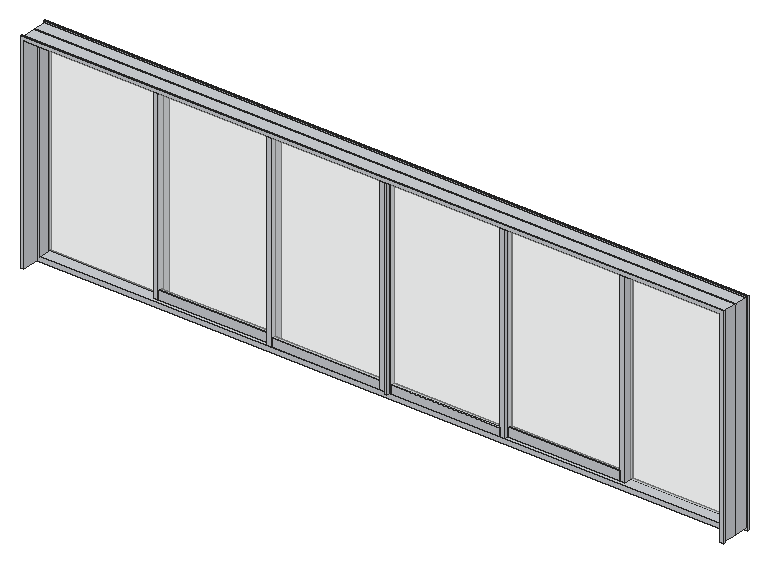
Revit family "APL Residential Thermal Heart Sliding Door FSSSSF", category Doors, host Wall, Revit 2017 (continued)
Definition of nested family "APL Residential Thermal Heart Sliding Door FSSSSF Vertical Section"
  Definition of nested family "Glazing Bead"
    Lines and regions (mm)
      detail lines, in view "Ref. Level", not visible
        curve 40: line (-1, -6.85, 0) -> (-1, -4.9, 0)
        curve 41: line (-1, -4.9, 0) -> (-0.25, -4.9, 0)
        curve 42: line (-0.25, -5.4, 0) -> (-0.25, -8.45, 0)
        curve 43: line (-0.25, -8.95, 0) -> (-0.25, -9.619, 0)
        curve 44: line (-0.25, -10.119, 0) -> (-0.25, -10.787, 0)
        curve 45: line (-0.25, -11.287, 0) -> (-0.25, -11.956, 0)
        curve 46: arc (-0.25, -11.956, 0) -> (0, -12.206, 0) -> (-0.25, -12.456, 0) r 0.25
        curve 47: arc (62.983, -3.041, 0) -> (62.673, -2.901, 0) -> (62.511, -3.2, 0) r 0.25
        curve 48: arc (62.537, -13.088, 0) -> (62.7, -13.387, 0) -> (63.01, -13.247, 0) r 0.25
        curve 49: line (62.511, -3.2, 0) -> (63.505, -7.068, 0)
        curve 50: line (63.505, -7.068, 0) -> (62.502, -7.647, 0)
        curve 51: line (62.502, -7.647, 0) -> (62.502, -8.647, 0)
        curve 52: line (62.502, -8.647, 0) -> (63.527, -9.239, 0)
        curve 53: line (63.527, -9.239, 0) -> (62.537, -13.088, 0)
        curve 54: line (63.01, -13.247, 0) -> (64.734, -9.147, 0)
        curve 55: line (64.734, -9.147, 0) -> (66.002, -9.147, 0)
        curve 56: line (66.002, -9.147, 0) -> (66.002, -10.397, 0)
        curve 57: line (66.002, -10.397, 0) -> (67.002, -10.397, 0)
        curve 58: line (67.002, -10.397, 0) -> (67.002, -5.897, 0)
        curve 59: line (67.002, -5.897, 0) -> (66.002, -5.897, 0)
        curve 60: line (66.002, -5.897, 0) -> (66.002, -7.147, 0)
        curve 61: line (66.002, -7.147, 0) -> (64.71, -7.147, 0)
        curve 62: line (64.71, -7.147, 0) -> (62.983, -3.041, 0)
    Dimensions and locks
      "Glass Lenght": plane 1 "Center (Front/Back)" to plane 4
      aligned and locked: plane 4 to curve 2
      aligned and locked: plane 1 "Center (Front/Back)" to Filled region 1 sketch curve
      aligned and locked: Filled region 1 sketch curve to curve 6
      aligned and locked: Filled region 1 sketch curve to curve 1
      aligned and locked: Filled region 1 sketch curve to curve 5
    Automatic sketch dimensions
      plane 1 "Center (Front/Back)" to curve 2 = 0 mm
      curve 2 to plane 3 "Center (Left/Right)" = 0 mm
      curve 6 to plane 4 = 0 mm
      curve 5 to plane 4 = 0 mm
      curve 4 to plane 4 = 0 mm
      curve 5 to curve 3 = 4 mm
      plane 3 "Center (Left/Right)" to curve 1 = 4 mm
      curve 6 to curve 5 = 16 mm
      plane 1 "Center (Front/Back)" to curve 1 = 12 mm
    Nested families
      nested 1: "65015_Bead" at (-15.5, 6.328, 0), type "65015_Bead", in view "Ref. Level"
    Definition of nested family "65015_Bead"
      Reference planes
        plane 1 "Center (Front/Back)": y = 0
        plane 2: z = 0
        plane 3 "Center (Left/Right)": x = 0
      Lines and regions (mm)
        model lines, in view "Ref. Level"
          curve 1: arc (13.5, 12.78, 0) -> (13.558, 12.92, 0) -> (13.698, 12.978, 0) r 0.198
          curve 2: arc (14.302, 12.978, 0) -> (14.442, 12.918, 0) -> (14.5, 12.777, 0) r 0.201
          curve 3: arc (14.5, 10.175, 0) -> (14.442, 10.036, 0) -> (14.302, 9.978, 0) r 0.198
          curve 4: arc (13.698, 9.978, 0) -> (13.558, 10.036, 0) -> (13.5, 10.175, 0) r 0.198
          curve 5: arc (13.5, 11.027, 0) -> (13.442, 11.169, 0) -> (13.3, 11.228, 0) r 0.2
          curve 6: arc (12.7, 11.228, 0) -> (11.851, 11.579, 0) -> (11.5, 12.428, 0) r 1.2
          curve 7: arc (11.5, 13.628, 0) -> (11.377, 13.813, 0) -> (11.159, 13.769, 0) r 0.2
          curve 8: arc (1.546, 4.157, 0) -> (1.438, 3.995, 0) -> (1.4, 3.804, 0) r 0.5
          curve 9: arc (1.4, 1.817, 0) -> (1.467, 1.567, 0) -> (1.65, 1.384, 0) r 0.5
          curve 10: arc (10.675, -3.827, 0) -> (10.913, -4.714, 0) -> (10.025, -4.952, 0) r 0.65
          curve 11: arc (3.306, -1.073, 0) -> (2.928, -1.023, 0) -> (2.624, -1.254, 0) r 0.5
          curve 12: arc (2.587, -2.129, 0) -> (2.248, -2.45, 0) -> (1.791, -2.352, 0) r 0.5
          curve 13: arc (1.518, -2.123, 0) -> (1.466, -2.054, 0) -> (1.447, -1.97, 0) r 0.2
          curve 14: arc (1.447, -1.115, 0) -> (1.476, -1.011, 0) -> (1.555, -0.938, 0) r 0.2
          curve 15: arc (1.555, -0.938, 0) -> (1.717, -0.809, 0) -> (1.82, -0.63, 0) r 0.55
          curve 16: arc (1.82, -0.63, 0) -> (1.825, -0.452, 0) -> (1.729, -0.302, 0) r 0.3
          curve 17: arc (0.2, 0, 0) -> (0.059, 0.059, 0) -> (0, 0.2, 0) r 0.2
          curve 18: arc (0, 4.383, 0) -> (0.038, 4.575, 0) -> (0.146, 4.737, 0) r 0.5
          curve 19: arc (14.159, 18.749, 0) -> (14.377, 18.792, 0) -> (14.5, 18.608, 0) r 0.2
          curve 20: arc (14.5, 15.172, 0) -> (14.442, 15.034, 0) -> (14.303, 14.978, 0) r 0.194
          curve 21: arc (13.698, 14.978, 0) -> (13.559, 15.038, 0) -> (13.5, 15.177, 0) r 0.203
          curve 22: arc (13.5, 15.528, 0) -> (13.441, 15.669, 0) -> (13.3, 15.728, 0) r 0.201
          curve 23: arc (12.7, 15.728, 0) -> (12.559, 15.669, 0) -> (12.5, 15.528, 0) r 0.2
          curve 24: arc (12.5, 12.428, 0) -> (12.559, 12.286, 0) -> (12.7, 12.228, 0) r 0.2
          curve 25: line (13.5, 12.428, 0) -> (13.5, 12.78, 0)
          curve 26: line (13.698, 12.978, 0) -> (14.302, 12.978, 0)
          curve 27: line (14.5, 12.777, 0) -> (14.5, 10.175, 0)
          curve 28: line (14.302, 9.978, 0) -> (13.698, 9.978, 0)
          curve 29: line (13.5, 10.175, 0) -> (13.5, 11.027, 0)
          curve 30: line (13.3, 11.228, 0) -> (12.7, 11.228, 0)
          curve 31: line (11.5, 12.428, 0) -> (11.5, 13.628, 0)
          curve 32: line (11.159, 13.769, 0) -> (1.546, 4.157, 0)
          curve 33: line (1.4, 3.804, 0) -> (1.4, 1.817, 0)
          curve 34: line (1.65, 1.384, 0) -> (10.675, -3.827, 0)
          curve 35: line (10.025, -4.952, 0) -> (3.306, -1.073, 0)
          curve 36: line (2.597, -1.355, 0) -> (2.597, -2.065, 0)
          curve 37: line (1.791, -2.352, 0) -> (1.518, -2.123, 0)
          curve 38: line (1.518, -2.123, 0) -> (1.447, -1.115, 0)
          curve 39: line (1.729, -0.302, 0) -> (1.425, -0.047, 0)
          curve 40: line (1.425, -0.047, 0) -> (0.2, 0, 0)
          curve 41: line (0, 0.2, 0) -> (0, 4.383, 0)
          curve 42: line (0.146, 4.737, 0) -> (14.159, 18.749, 0)
          curve 43: line (14.5, 18.608, 0) -> (14.5, 15.172, 0)
          curve 44: line (14.303, 14.978, 0) -> (13.698, 14.978, 0)
          curve 45: line (13.5, 15.177, 0) -> (13.5, 15.528, 0)
          curve 46: line (13.3, 15.728, 0) -> (12.7, 15.728, 0)
          curve 47: line (12.5, 15.528, 0) -> (12.5, 12.428, 0)
          curve 48: line (12.7, 12.228, 0) -> (13.3, 12.228, 0)
          curve 49: arc (13.3, 12.228, 0) -> (13.441, 12.286, 0) -> (13.5, 12.428, 0) r 0.2
      Text (mm)
        text "65015" at (32.01, 10.207, 0), in view "Ref. Level"
  Definition of nested family "Three Panel Sill"
    Parameters (values of type "Three Panel Sill")
      Threshold = yes
    Reference planes
      plane 1 "Center (Front/Back)": y = 0
      plane 2: z = 0
      plane 3 "Center (Left/Right)": x = 0
    Lines and regions (mm)
      detail lines, in view "Ref. Level"
        curve 1: arc (16.603, 58.8, 0) -> (17.381, 59.122, 0) -> (17.703, 59.9, 0) r 1.1
        curve 2: arc (0.803, 59.899, 0) -> (1.126, 59.122, 0) -> (1.903, 58.8, 0) r 1.1
        curve 3: arc (17.703, 76.7, 0) -> (17.381, 77.478, 0) -> (16.603, 77.8, 0) r 1.1
        curve 4: arc (1.903, 77.8, 0) -> (1.125, 77.477, 0) -> (0.803, 76.699, 0) r 1.1
        curve 5: arc (16.603, 58.799, 0) -> (17.382, 59.121, 0) -> (17.703, 59.9, 0) r 1.1
        curve 6: arc (17.703, 76.702, 0) -> (17.381, 77.479, 0) -> (16.603, 77.802, 0) r 1.1
        curve 7: arc (7.678, 82.796, 0) -> (6.666, 82.818, 0) -> (6.153, 81.945, 0) r 1
        curve 8: arc (6.153, 44.255, 0) -> (6.666, 43.382, 0) -> (7.678, 43.404, 0) r 1
        curve 9: arc (12.353, 81.945, 0) -> (11.841, 82.818, 0) -> (10.828, 82.796, 0) r 1
        curve 10: arc (10.828, 43.404, 0) -> (11.841, 43.382, 0) -> (12.353, 44.255, 0) r 1
        curve 11: arc (7.678, 82.796, 0) -> (9.253, 82.35, 0) -> (10.828, 82.796, 0) r 3
        curve 12: arc (10.828, 43.404, 0) -> (9.253, 43.851, 0) -> (7.678, 43.404, 0) r 3
        curve 13: arc (5.253, 51, 0) -> (5.546, 50.293, 0) -> (6.253, 50, 0) r 1
        curve 14: arc (12.253, 50, 0) -> (12.96, 50.293, 0) -> (13.253, 51, 0) r 1
        curve 15: arc (14.453, 84.69, 0) -> (13.952, 84.595, 0) -> (13.453, 84.49, 0) r 26
        curve 16: arc (5.053, 84.49, 0) -> (4.554, 84.595, 0) -> (4.053, 84.69, 0) r 26
        curve 17: arc (5.053, 85.031, 0) -> (4.554, 85.062, 0) -> (4.053, 85.085, 0) r 26
        curve 18: arc (14.453, 85.085, 0) -> (13.953, 85.062, 0) -> (13.453, 85.031, 0) r 26
        curve 19: line (7.616, 58.464, 0) -> (8.694, 57.549, 0)
        curve 20: arc (8.309, 62.255, 0) -> (6.888, 61.307, 0) -> (6.184, 59.751, 0) r 3.102
        curve 21: line (7.502, 59.859, 0) -> (8.417, 60.937, 0)
        curve 22: line (10.89, 60.137, 0) -> (9.812, 61.052, 0)
        curve 23: arc (10.198, 56.345, 0) -> (11.619, 57.293, 0) -> (12.323, 58.849, 0) r 3.102
        curve 24: line (11.005, 58.741, 0) -> (10.09, 57.663, 0)
        curve 25: circle (9.253, 59.3, 0) r 4.4 normal (0, 0, 1)
        curve 26: arc (9.596, 63.684, 0) -> (8.894, 63.683, 0) -> (8.201, 63.57, 0) r 4.397
        curve 27: arc (8.91, 54.916, 0) -> (9.612, 54.918, 0) -> (10.305, 55.031, 0) r 4.397
        curve 28: line (8.309, 62.255, 0) -> (8.201, 63.57, 0)
        curve 29: line (9.596, 63.684, 0) -> (9.704, 62.37, 0)
        curve 30: line (10.198, 56.345, 0) -> (10.305, 55.031, 0)
        curve 31: line (8.91, 54.916, 0) -> (8.802, 56.231, 0)
        curve 32: arc (2.903, 86.3, 0) -> (2.196, 86.007, 0) -> (1.903, 85.3, 0) r 1
        curve 33: arc (16.603, 85.3, 0) -> (16.31, 86.007, 0) -> (15.603, 86.3, 0) r 1
        curve 34: arc (15.603, 85, 0) -> (15.515, 85.212, 0) -> (15.303, 85.3, 0) r 0.3
        curve 35: arc (3.203, 85.3, 0) -> (2.991, 85.212, 0) -> (2.903, 85, 0) r 0.3
        curve 36: line (17.703, 59.9, 0) -> (17.703, 61.8, 0)
        curve 37: line (0.803, 61.8, 0) -> (0.803, 59.899, 0)
        curve 38: line (17.703, 74.8, 0) -> (17.703, 76.7, 0)
        curve 39: line (0.803, 76.699, 0) -> (0.803, 74.8, 0)
        curve 40: line (17.703, 59.9, 0) -> (17.703, 61.8, 0)
        curve 41: line (0.803, 76.699, 0) -> (0.803, 74.8, 0)
        curve 42: line (6.153, 44.255, 0) -> (6.153, 51.1, 0)
        curve 43: line (6.153, 81.6, 0) -> (6.153, 81.945, 0)
        curve 44: line (12.353, 81.6, 0) -> (12.353, 81.945, 0)
        curve 45: line (12.353, 44.255, 0) -> (12.353, 51.1, 0)
        curve 46: line (0.803, 66.09, 0) -> (0.503, 66.09, 0)
        curve 47: line (0.503, 66.09, 0) -> (0.503, 60.11, 0)
        curve 48: line (0.503, 60.11, 0) -> (0.803, 60.11, 0)
        curve 49: line (3.003, 51.3, 0) -> (3.003, 51.1, 0)
        curve 50: line (3.003, 51.1, 0) -> (3.503, 51.1, 0)
        curve 51: line (3.503, 51.1, 0) -> (15.003, 51.1, 0)
        curve 52: line (15.003, 51.1, 0) -> (15.503, 51.1, 0)
        curve 53: line (15.503, 51.1, 0) -> (15.503, 51.3, 0)
        curve 54: line (15.503, 75.8, 0) -> (15.503, 81.6, 0)
        curve 55: line (15.503, 81.6, 0) -> (15.003, 81.6, 0)
        curve 56: line (15.003, 81.6, 0) -> (15.003, 75.8, 0)
        curve 57: line (3.003, 75.8, 0) -> (3.003, 81.6, 0)
        curve 58: line (15.003, 81.6, 0) -> (3.503, 81.6, 0)
        curve 59: line (3.503, 81.6, 0) -> (3.003, 81.6, 0)
        curve 60: line (3.003, 81.6, 0) -> (3.003, 85.1, 0)
        curve 61: line (3.003, 85.1, 0) -> (4.003, 85.1, 0)
        curve 62: line (4.003, 85.1, 0) -> (4.003, 81.6, 0)
        curve 63: line (14.503, 81.6, 0) -> (14.503, 85.1, 0)
        curve 64: line (14.503, 85.1, 0) -> (15.503, 85.1, 0)
        curve 65: line (15.503, 85.1, 0) -> (15.503, 81.6, 0)
        curve 66: line (14.453, 84.69, 0) -> (14.453, 81.6, 0)
        curve 67: line (4.053, 84.69, 0) -> (4.053, 81.6, 0)
        curve 68: line (5.053, 81.6, 0) -> (5.053, 84.49, 0)
        curve 69: line (5.053, 84.49, 0) -> (5.053, 85.031, 0)
        curve 70: line (13.453, 81.6, 0) -> (13.453, 84.49, 0)
        curve 71: line (13.453, 84.49, 0) -> (13.453, 85.031, 0)
        curve 72: line (4.053, 84.69, 0) -> (4.053, 84.938, 0)
        curve 73: line (14.453, 84.69, 0) -> (14.453, 84.938, 0)
        curve 74: line (8.802, 56.231, 0) -> (8.694, 57.549, 0)
        curve 75: line (8.417, 60.937, 0) -> (8.309, 62.255, 0)
        curve 76: line (9.704, 62.37, 0) -> (9.812, 61.052, 0)
        curve 77: line (10.09, 57.663, 0) -> (10.198, 56.345, 0)
        curve 78: line (1.903, 80.3, 0) -> (1.903, 85.3, 0)
        curve 79: line (2.903, 86.3, 0) -> (15.603, 86.3, 0)
        curve 80: line (16.603, 85.3, 0) -> (16.603, 80.3, 0)
        curve 81: line (16.603, 80.3, 0) -> (15.603, 80.3, 0)
        curve 82: line (15.603, 80.3, 0) -> (15.603, 85, 0)
        curve 83: line (15.303, 85.3, 0) -> (3.203, 85.3, 0)
        curve 84: line (2.903, 85, 0) -> (2.903, 80.3, 0)
        curve 85: line (2.903, 80.3, 0) -> (1.903, 80.3, 0)
        curve 86: line (1.903, 80.3, 0) -> (1.903, 78.3, 0)
        curve 87: line (1.903, 78.3, 0) -> (1.903, 75.8, 0)
        curve 88: line (15.603, 80.3, 0) -> (15.603, 78.3, 0)
        curve 89: line (15.603, 78.3, 0) -> (16.603, 78.3, 0)
        curve 90: line (16.603, 78.3, 0) -> (16.603, 80.3, 0)
        curve 91: line (2.903, 80.3, 0) -> (2.903, 78.3, 0)
        curve 92: line (2.903, 78.3, 0) -> (1.903, 78.3, 0)
        curve 93: line (2.003, 51.3, 0) -> (16.603, 51.3, 0)
        curve 94: line (16.603, 51.3, 0) -> (16.603, 75.8, 0)
        curve 95: line (16.603, 75.8, 0) -> (2.003, 75.8, 0)
        curve 96: line (2.003, 75.8, 0) -> (2.003, 51.3, 0)
        curve 97: line (1.903, 51.3, 0) -> (1.903, 75.8, 0)
        curve 98: line (2.903, 78.3, 0) -> (2.903, 75.8, 0)
        curve 99: line (16.603, 78.3, 0) -> (16.603, 75.8, 0)
        curve 100: line (15.603, 78.3, 0) -> (15.603, 75.8, 0)
        curve 101: line (16.603, 74.8, 0) -> (17.703, 74.8, 0)
        curve 102: line (17.703, 74.8, 0) -> (17.703, 61.8, 0)
        curve 103: line (17.703, 61.8, 0) -> (16.603, 61.8, 0)
        curve 104: line (1.903, 61.8, 0) -> (0.803, 61.8, 0)
        curve 105: line (0.803, 61.8, 0) -> (0.803, 74.8, 0)
        curve 106: line (0.803, 74.8, 0) -> (1.903, 74.8, 0)
        curve 107: line (15.003, 51.3, 0) -> (15.003, 51.1, 0)
        curve 108: line (3.503, 51.1, 0) -> (3.503, 51.3, 0)
        curve 109: line (3.503, 75.8, 0) -> (3.503, 81.6, 0)
        curve 110: line (7.678, 43.404, 0) -> (7.678, 51.1, 0)
        curve 111: line (7.678, 81.6, 0) -> (7.678, 82.796, 0)
        curve 112: line (10.828, 82.796, 0) -> (10.828, 81.6, 0)
        curve 113: line (10.828, 51.1, 0) -> (10.828, 43.404, 0)
        curve 114: line (12.208, 60.245, 0) -> (13.526, 60.353, 0)
        curve 115: line (13.64, 58.957, 0) -> (12.323, 58.849, 0)
        curve 116: line (6.298, 58.356, 0) -> (4.981, 58.248, 0)
        curve 117: line (4.867, 59.643, 0) -> (6.184, 59.751, 0)
        curve 118: line (6.184, 59.751, 0) -> (7.502, 59.859, 0)
        curve 119: line (10.89, 60.137, 0) -> (12.208, 60.245, 0)
        curve 120: line (12.323, 58.849, 0) -> (11.005, 58.741, 0)
        curve 121: line (7.616, 58.464, 0) -> (6.298, 58.356, 0)
        curve 122: arc (6.298, 58.356, 0) -> (7.246, 56.935, 0) -> (8.802, 56.231, 0) r 3.102
        curve 123: arc (12.208, 60.245, 0) -> (11.261, 61.666, 0) -> (9.704, 62.37, 0) r 3.102
        curve 247: arc (-46.248, 44.356, 0) -> (-46.558, 44.496, 0) -> (-46.72, 44.197, 0) r 0.25
        curve 248: arc (-46.694, 34.309, 0) -> (-46.531, 34.01, 0) -> (-46.221, 34.15, 0) r 0.25
        curve 249: line (-46.72, 44.197, 0) -> (-45.726, 40.329, 0)
        curve 250: line (-45.726, 40.329, 0) -> (-46.729, 39.75, 0)
        curve 251: line (-46.729, 39.75, 0) -> (-46.729, 38.75, 0)
        curve 252: line (-46.729, 38.75, 0) -> (-45.704, 38.158, 0)
        curve 253: line (-45.704, 38.158, 0) -> (-46.694, 34.309, 0)
        curve 254: line (-46.221, 34.15, 0) -> (-44.497, 38.25, 0)
        curve 255: line (-44.497, 38.25, 0) -> (-43.229, 38.25, 0)
        curve 256: line (-43.229, 38.25, 0) -> (-43.229, 37, 0)
        curve 257: line (-43.229, 37, 0) -> (-42.229, 37, 0)
        curve 258: line (-42.229, 37, 0) -> (-42.229, 41.5, 0)
        curve 259: line (-42.229, 41.5, 0) -> (-43.229, 41.5, 0)
        curve 260: line (-43.229, 41.5, 0) -> (-43.229, 40.25, 0)
        curve 261: line (-43.229, 40.25, 0) -> (-44.521, 40.25, 0)
        curve 262: line (-44.521, 40.25, 0) -> (-46.248, 44.356, 0)
        curve 279: line (33.521, 34.861, 0) -> (27.771, 36.401, 0)
        curve 280: line (29.232, 36.01, 0) -> (33.521, 36.01, 0)
        curve 281: line (27.771, 36.85, 0) -> (33.521, 36.85, 0)
        curve 282: line (27.771, 37.69, 0) -> (33.521, 37.69, 0)
        curve 283: line (27.771, 38.61, 0) -> (33.521, 38.61, 0)
        curve 284: line (27.771, 39.45, 0) -> (33.521, 39.45, 0)
        curve 285: line (29.232, 40.29, 0) -> (33.521, 40.29, 0)
        curve 286: line (27.771, 39.899, 0) -> (33.521, 41.439, 0)
        curve 287: line (27.521, 34.7, 0) -> (27.521, 41.6, 0)
        curve 288: line (27.771, 41.6, 0) -> (27.771, 34.7, 0)
        curve 289: line (27.771, 34.7, 0) -> (27.271, 34.7, 0)
        curve 290: line (27.271, 34.7, 0) -> (27.271, 41.6, 0)
        curve 291: line (27.271, 41.6, 0) -> (27.771, 41.6, 0)
        curve 305: arc (62.603, 58.8, 0) -> (63.381, 59.122, 0) -> (63.703, 59.9, 0) r 1.1
        curve 306: arc (46.803, 59.899, 0) -> (47.126, 59.122, 0) -> (47.903, 58.8, 0) r 1.1
        curve 307: arc (63.703, 76.7, 0) -> (63.381, 77.478, 0) -> (62.603, 77.8, 0) r 1.1
        curve 308: arc (47.903, 77.8, 0) -> (47.125, 77.477, 0) -> (46.803, 76.699, 0) r 1.1
        curve 309: arc (62.603, 58.799, 0) -> (63.382, 59.121, 0) -> (63.703, 59.9, 0) r 1.1
        curve 310: arc (63.703, 76.702, 0) -> (63.381, 77.479, 0) -> (62.603, 77.802, 0) r 1.1
        curve 311: arc (53.678, 82.796, 0) -> (52.666, 82.818, 0) -> (52.153, 81.945, 0) r 1
        curve 312: arc (52.153, 44.255, 0) -> (52.666, 43.382, 0) -> (53.678, 43.404, 0) r 1
        curve 313: arc (58.353, 81.945, 0) -> (57.841, 82.818, 0) -> (56.828, 82.796, 0) r 1
        curve 314: arc (56.828, 43.404, 0) -> (57.841, 43.382, 0) -> (58.353, 44.255, 0) r 1
        curve 315: arc (53.678, 82.796, 0) -> (55.253, 82.35, 0) -> (56.828, 82.796, 0) r 3
        curve 316: arc (56.828, 43.404, 0) -> (55.253, 43.851, 0) -> (53.678, 43.404, 0) r 3
        curve 317: arc (51.253, 51, 0) -> (51.546, 50.293, 0) -> (52.253, 50, 0) r 1
        curve 318: arc (58.253, 50, 0) -> (58.96, 50.293, 0) -> (59.253, 51, 0) r 1
        curve 319: arc (60.453, 84.69, 0) -> (59.952, 84.595, 0) -> (59.453, 84.49, 0) r 26
        curve 320: arc (51.053, 84.49, 0) -> (50.554, 84.595, 0) -> (50.053, 84.69, 0) r 26
        curve 321: arc (51.053, 85.031, 0) -> (50.554, 85.062, 0) -> (50.053, 85.085, 0) r 26
        curve 322: arc (60.453, 85.085, 0) -> (59.953, 85.062, 0) -> (59.453, 85.031, 0) r 26
        curve 323: line (53.616, 58.464, 0) -> (54.694, 57.549, 0)
        curve 324: arc (54.309, 62.255, 0) -> (52.888, 61.307, 0) -> (52.184, 59.751, 0) r 3.102
        curve 325: line (53.502, 59.859, 0) -> (54.417, 60.937, 0)
        curve 326: line (56.89, 60.137, 0) -> (55.812, 61.052, 0)
        curve 327: arc (56.198, 56.345, 0) -> (57.619, 57.293, 0) -> (58.323, 58.849, 0) r 3.102
        curve 328: line (57.005, 58.741, 0) -> (56.09, 57.663, 0)
        curve 329: circle (55.253, 59.3, 0) r 4.4 normal (0, 0, 1)
        curve 330: arc (55.596, 63.684, 0) -> (54.894, 63.683, 0) -> (54.201, 63.57, 0) r 4.397
        curve 331: arc (54.91, 54.916, 0) -> (55.612, 54.918, 0) -> (56.305, 55.031, 0) r 4.397
        curve 332: line (54.309, 62.255, 0) -> (54.201, 63.57, 0)
        curve 333: line (55.596, 63.684, 0) -> (55.704, 62.37, 0)
        curve 334: line (56.198, 56.345, 0) -> (56.305, 55.031, 0)
        curve 335: line (54.91, 54.916, 0) -> (54.802, 56.231, 0)
        curve 336: arc (48.903, 86.3, 0) -> (48.196, 86.007, 0) -> (47.903, 85.3, 0) r 1
        curve 337: arc (62.603, 85.3, 0) -> (62.31, 86.007, 0) -> (61.603, 86.3, 0) r 1
        curve 338: arc (61.603, 85, 0) -> (61.515, 85.212, 0) -> (61.303, 85.3, 0) r 0.3
        curve 339: arc (49.203, 85.3, 0) -> (48.991, 85.212, 0) -> (48.903, 85, 0) r 0.3
        curve 340: line (63.703, 59.9, 0) -> (63.703, 61.8, 0)
        curve 341: line (46.803, 61.8, 0) -> (46.803, 59.899, 0)
        curve 342: line (63.703, 74.8, 0) -> (63.703, 76.7, 0)
        curve 343: line (46.803, 76.699, 0) -> (46.803, 74.8, 0)
        curve 344: line (63.703, 59.9, 0) -> (63.703, 61.8, 0)
        curve 345: line (46.803, 76.699, 0) -> (46.803, 74.8, 0)
        curve 346: line (52.153, 44.255, 0) -> (52.153, 51.1, 0)
        curve 347: line (52.153, 81.6, 0) -> (52.153, 81.945, 0)
        curve 348: line (58.353, 81.6, 0) -> (58.353, 81.945, 0)
        curve 349: line (58.353, 44.255, 0) -> (58.353, 51.1, 0)
        curve 350: line (46.803, 66.09, 0) -> (46.503, 66.09, 0)
        curve 351: line (46.503, 66.09, 0) -> (46.503, 60.11, 0)
        curve 352: line (46.503, 60.11, 0) -> (46.803, 60.11, 0)
        curve 353: line (49.003, 51.3, 0) -> (49.003, 51.1, 0)
        curve 354: line (49.003, 51.1, 0) -> (49.503, 51.1, 0)
        curve 355: line (49.503, 51.1, 0) -> (61.003, 51.1, 0)
        curve 356: line (61.003, 51.1, 0) -> (61.503, 51.1, 0)
        curve 357: line (61.503, 51.1, 0) -> (61.503, 51.3, 0)
        curve 358: line (61.503, 75.8, 0) -> (61.503, 81.6, 0)
        curve 359: line (61.503, 81.6, 0) -> (61.003, 81.6, 0)
        curve 360: line (61.003, 81.6, 0) -> (61.003, 75.8, 0)
        curve 361: line (49.003, 75.8, 0) -> (49.003, 81.6, 0)
        curve 362: line (61.003, 81.6, 0) -> (49.503, 81.6, 0)
        curve 363: line (49.503, 81.6, 0) -> (49.003, 81.6, 0)
        curve 364: line (49.003, 81.6, 0) -> (49.003, 85.1, 0)
        curve 365: line (49.003, 85.1, 0) -> (50.003, 85.1, 0)
        curve 366: line (50.003, 85.1, 0) -> (50.003, 81.6, 0)
        curve 367: line (60.503, 81.6, 0) -> (60.503, 85.1, 0)
        curve 368: line (60.503, 85.1, 0) -> (61.503, 85.1, 0)
        curve 369: line (61.503, 85.1, 0) -> (61.503, 81.6, 0)
        curve 370: line (60.453, 84.69, 0) -> (60.453, 81.6, 0)
        curve 371: line (50.053, 84.69, 0) -> (50.053, 81.6, 0)
        curve 372: line (51.053, 81.6, 0) -> (51.053, 84.49, 0)
        curve 373: line (51.053, 84.49, 0) -> (51.053, 85.031, 0)
        curve 374: line (59.453, 81.6, 0) -> (59.453, 84.49, 0)
        curve 375: line (59.453, 84.49, 0) -> (59.453, 85.031, 0)
        curve 376: line (50.053, 84.69, 0) -> (50.053, 84.938, 0)
        curve 377: line (60.453, 84.69, 0) -> (60.453, 84.938, 0)
        curve 378: line (54.802, 56.231, 0) -> (54.694, 57.549, 0)
        curve 379: line (54.417, 60.937, 0) -> (54.309, 62.255, 0)
        curve 380: line (55.704, 62.37, 0) -> (55.812, 61.052, 0)
        curve 381: line (56.09, 57.663, 0) -> (56.198, 56.345, 0)
        curve 382: line (47.903, 80.3, 0) -> (47.903, 85.3, 0)
        curve 383: line (48.903, 86.3, 0) -> (61.603, 86.3, 0)
        curve 384: line (62.603, 85.3, 0) -> (62.603, 80.3, 0)
        curve 385: line (62.603, 80.3, 0) -> (61.603, 80.3, 0)
        curve 386: line (61.603, 80.3, 0) -> (61.603, 85, 0)
        curve 387: line (61.303, 85.3, 0) -> (49.203, 85.3, 0)
        curve 388: line (48.903, 85, 0) -> (48.903, 80.3, 0)
        curve 389: line (48.903, 80.3, 0) -> (47.903, 80.3, 0)
        curve 390: line (47.903, 80.3, 0) -> (47.903, 78.3, 0)
        curve 391: line (47.903, 78.3, 0) -> (47.903, 75.8, 0)
        curve 392: line (61.603, 80.3, 0) -> (61.603, 78.3, 0)
        curve 393: line (61.603, 78.3, 0) -> (62.603, 78.3, 0)
        curve 394: line (62.603, 78.3, 0) -> (62.603, 80.3, 0)
        curve 395: line (48.903, 80.3, 0) -> (48.903, 78.3, 0)
        curve 396: line (48.903, 78.3, 0) -> (47.903, 78.3, 0)
        curve 397: line (48.003, 51.3, 0) -> (62.603, 51.3, 0)
        curve 398: line (62.603, 51.3, 0) -> (62.603, 75.8, 0)
        curve 399: line (62.603, 75.8, 0) -> (48.003, 75.8, 0)
        curve 400: line (48.003, 75.8, 0) -> (48.003, 51.3, 0)
        curve 401: line (47.903, 51.3, 0) -> (47.903, 75.8, 0)
        curve 402: line (48.903, 78.3, 0) -> (48.903, 75.8, 0)
        curve 403: line (62.603, 78.3, 0) -> (62.603, 75.8, 0)
        curve 404: line (61.603, 78.3, 0) -> (61.603, 75.8, 0)
        curve 405: line (62.603, 74.8, 0) -> (63.703, 74.8, 0)
        curve 406: line (63.703, 74.8, 0) -> (63.703, 61.8, 0)
        curve 407: line (63.703, 61.8, 0) -> (62.603, 61.8, 0)
        curve 408: line (47.903, 61.8, 0) -> (46.803, 61.8, 0)
        curve 409: line (46.803, 61.8, 0) -> (46.803, 74.8, 0)
        curve 410: line (46.803, 74.8, 0) -> (47.903, 74.8, 0)
        curve 411: line (61.003, 51.3, 0) -> (61.003, 51.1, 0)
        curve 412: line (49.503, 51.1, 0) -> (49.503, 51.3, 0)
        curve 413: line (49.503, 75.8, 0) -> (49.503, 81.6, 0)
        curve 414: line (53.678, 43.404, 0) -> (53.678, 51.1, 0)
        curve 415: line (53.678, 81.6, 0) -> (53.678, 82.796, 0)
        curve 416: line (56.828, 82.796, 0) -> (56.828, 81.6, 0)
        curve 417: line (56.828, 51.1, 0) -> (56.828, 43.404, 0)
        curve 418: line (58.208, 60.245, 0) -> (59.526, 60.353, 0)
        curve 419: line (59.64, 58.957, 0) -> (58.323, 58.849, 0)
        curve 420: line (52.298, 58.356, 0) -> (50.981, 58.248, 0)
        curve 421: line (50.867, 59.643, 0) -> (52.184, 59.751, 0)
        curve 422: line (52.184, 59.751, 0) -> (53.502, 59.859, 0)
        curve 423: line (56.89, 60.137, 0) -> (58.208, 60.245, 0)
        curve 424: line (58.323, 58.849, 0) -> (57.005, 58.741, 0)
        curve 425: line (53.616, 58.464, 0) -> (52.298, 58.356, 0)
        curve 426: arc (52.298, 58.356, 0) -> (53.246, 56.935, 0) -> (54.802, 56.231, 0) r 3.102
        curve 427: arc (58.208, 60.245, 0) -> (57.261, 61.666, 0) -> (55.704, 62.37, 0) r 3.102
        curve 428: line (65.821, 34.861, 0) -> (71.571, 36.401, 0)
        curve 429: line (70.11, 36.01, 0) -> (65.821, 36.01, 0)
        curve 430: line (71.571, 36.85, 0) -> (65.821, 36.85, 0)
        curve 431: line (71.571, 37.69, 0) -> (65.821, 37.69, 0)
        curve 432: line (71.571, 38.61, 0) -> (65.821, 38.61, 0)
        curve 433: line (71.571, 39.45, 0) -> (65.821, 39.45, 0)
        curve 434: line (70.11, 40.29, 0) -> (65.821, 40.29, 0)
        curve 435: line (71.571, 39.899, 0) -> (65.821, 41.439, 0)
        curve 436: line (71.821, 34.7, 0) -> (71.821, 41.6, 0)
        curve 437: line (71.571, 41.6, 0) -> (71.571, 34.7, 0)
        curve 438: line (71.571, 34.7, 0) -> (72.071, 34.7, 0)
        curve 439: line (72.071, 34.7, 0) -> (72.071, 41.6, 0)
        curve 440: line (72.071, 41.6, 0) -> (71.571, 41.6, 0)
        curve 441: line (19.421, 34.861, 0) -> (25.171, 36.401, 0)
        curve 442: line (23.71, 36.01, 0) -> (19.421, 36.01, 0)
        curve 443: line (25.171, 36.85, 0) -> (19.421, 36.85, 0)
        curve 444: line (25.171, 37.69, 0) -> (19.421, 37.69, 0)
        curve 445: line (25.171, 38.61, 0) -> (19.421, 38.61, 0)
        curve 446: line (25.171, 39.45, 0) -> (19.421, 39.45, 0)
        curve 447: line (23.71, 40.29, 0) -> (19.421, 40.29, 0)
        curve 448: line (25.171, 39.899, 0) -> (19.421, 41.439, 0)
        curve 449: line (25.421, 34.7, 0) -> (25.421, 41.6, 0)
        curve 450: line (25.171, 41.6, 0) -> (25.171, 34.7, 0)
        curve 451: line (25.171, 34.7, 0) -> (25.671, 34.7, 0)
        curve 452: line (25.671, 34.7, 0) -> (25.671, 41.6, 0)
        curve 453: line (25.671, 41.6, 0) -> (25.171, 41.6, 0)
        curve 454: line (-12.879, 34.861, 0) -> (-18.629, 36.401, 0)
        curve 455: line (-17.168, 36.01, 0) -> (-12.879, 36.01, 0)
        curve 456: line (-18.629, 36.85, 0) -> (-12.879, 36.85, 0)
        curve 457: line (-18.629, 37.69, 0) -> (-12.879, 37.69, 0)
        curve 458: line (-18.629, 38.61, 0) -> (-12.879, 38.61, 0)
        curve 459: line (-18.629, 39.45, 0) -> (-12.879, 39.45, 0)
        curve 460: line (-17.168, 40.29, 0) -> (-12.879, 40.29, 0)
        curve 461: line (-18.629, 39.899, 0) -> (-12.879, 41.439, 0)
        curve 462: line (-18.879, 34.7, 0) -> (-18.879, 41.6, 0)
        curve 463: line (-18.629, 41.6, 0) -> (-18.629, 34.7, 0)
        curve 464: line (-18.629, 34.7, 0) -> (-19.129, 34.7, 0)
        curve 465: line (-19.129, 34.7, 0) -> (-19.129, 41.6, 0)
        curve 466: line (-19.129, 41.6, 0) -> (-18.629, 41.6, 0)
      detail lines, in view "Ref. Level", not visible
        curve 124: arc (16.603, 57.797, 0) -> (17.381, 58.12, 0) -> (17.703, 58.897, 0) r 1.1
        curve 125: arc (0.803, 58.896, 0) -> (1.126, 58.119, 0) -> (1.903, 57.797, 0) r 1.1
        curve 126: arc (17.703, 75.697, 0) -> (17.381, 76.475, 0) -> (16.603, 76.797, 0) r 1.1
        curve 127: arc (1.903, 76.797, 0) -> (1.125, 76.475, 0) -> (0.803, 75.696, 0) r 1.1
        curve 128: arc (16.603, 57.796, 0) -> (17.382, 58.119, 0) -> (17.703, 58.897, 0) r 1.1
        curve 129: arc (17.703, 75.699, 0) -> (17.381, 76.477, 0) -> (16.603, 76.799, 0) r 1.1
        curve 130: arc (7.678, 81.793, 0) -> (6.666, 81.816, 0) -> (6.153, 80.942, 0) r 1
        curve 131: arc (6.153, 43.252, 0) -> (6.666, 42.379, 0) -> (7.678, 42.401, 0) r 1
        curve 132: arc (12.353, 80.942, 0) -> (11.841, 81.816, 0) -> (10.828, 81.793, 0) r 1
        curve 133: arc (10.828, 42.401, 0) -> (11.841, 42.379, 0) -> (12.353, 43.252, 0) r 1
        curve 134: arc (7.678, 81.793, 0) -> (9.253, 81.347, 0) -> (10.828, 81.793, 0) r 3
        curve 135: arc (10.828, 42.401, 0) -> (9.253, 42.848, 0) -> (7.678, 42.401, 0) r 3
        curve 136: arc (5.253, 49.997, 0) -> (5.546, 49.29, 0) -> (6.253, 48.997, 0) r 1
        curve 137: arc (12.253, 48.997, 0) -> (12.96, 49.29, 0) -> (13.253, 49.997, 0) r 1
        curve 138: arc (14.453, 83.687, 0) -> (13.952, 83.592, 0) -> (13.453, 83.487, 0) r 26
        curve 139: arc (5.053, 83.487, 0) -> (4.554, 83.592, 0) -> (4.053, 83.687, 0) r 26
        curve 140: arc (5.053, 84.028, 0) -> (4.554, 84.06, 0) -> (4.053, 84.082, 0) r 26
        curve 141: arc (14.453, 84.082, 0) -> (13.953, 84.06, 0) -> (13.453, 84.028, 0) r 26
        curve 142: line (7.616, 57.461, 0) -> (8.694, 56.546, 0)
        curve 143: arc (8.309, 61.253, 0) -> (6.888, 60.305, 0) -> (6.184, 58.748, 0) r 3.102
        curve 144: line (7.502, 58.856, 0) -> (8.417, 59.935, 0)
        curve 145: line (10.89, 59.134, 0) -> (9.812, 60.049, 0)
        curve 146: arc (10.198, 55.342, 0) -> (11.619, 56.29, 0) -> (12.323, 57.847, 0) r 3.102
        curve 147: line (11.005, 57.739, 0) -> (10.09, 56.66, 0)
        curve 148: circle (9.253, 58.297, 0) r 4.4 normal (0, 0, 1)
        curve 149: arc (9.596, 62.681, 0) -> (8.894, 62.68, 0) -> (8.201, 62.567, 0) r 4.397
        curve 150: arc (8.91, 53.914, 0) -> (9.612, 53.915, 0) -> (10.305, 54.028, 0) r 4.397
        curve 151: line (8.309, 61.253, 0) -> (8.201, 62.567, 0)
        curve 152: line (9.596, 62.681, 0) -> (9.704, 61.367, 0)
        curve 153: line (10.198, 55.342, 0) -> (10.305, 54.028, 0)
        curve 154: line (8.91, 53.914, 0) -> (8.802, 55.228, 0)
        curve 155: arc (2.903, 85.297, 0) -> (2.196, 85.004, 0) -> (1.903, 84.297, 0) r 1
        curve 156: arc (16.603, 84.297, 0) -> (16.31, 85.004, 0) -> (15.603, 85.297, 0) r 1
        curve 157: arc (15.603, 83.997, 0) -> (15.515, 84.209, 0) -> (15.303, 84.297, 0) r 0.3
        curve 158: arc (3.203, 84.297, 0) -> (2.991, 84.209, 0) -> (2.903, 83.997, 0) r 0.3
        curve 159: line (17.703, 58.897, 0) -> (17.703, 60.797, 0)
        curve 160: line (0.803, 60.797, 0) -> (0.803, 58.896, 0)
        curve 161: line (17.703, 73.797, 0) -> (17.703, 75.697, 0)
        curve 162: line (0.803, 75.696, 0) -> (0.803, 73.797, 0)
        curve 163: line (17.703, 58.897, 0) -> (17.703, 60.797, 0)
        curve 164: line (0.803, 75.696, 0) -> (0.803, 73.797, 0)
        curve 165: line (6.153, 43.252, 0) -> (6.153, 50.097, 0)
        curve 166: line (6.153, 80.597, 0) -> (6.153, 80.942, 0)
        curve 167: line (12.353, 80.597, 0) -> (12.353, 80.942, 0)
        curve 168: line (12.353, 43.252, 0) -> (12.353, 50.097, 0)
        curve 169: line (0.803, 65.087, 0) -> (0.503, 65.087, 0)
        curve 170: line (0.503, 65.087, 0) -> (0.503, 59.107, 0)
        curve 171: line (0.503, 59.107, 0) -> (0.803, 59.107, 0)
        curve 172: line (3.003, 50.297, 0) -> (3.003, 50.097, 0)
        curve 173: line (3.003, 50.097, 0) -> (3.503, 50.097, 0)
        curve 174: line (3.503, 50.097, 0) -> (15.003, 50.097, 0)
        curve 175: line (15.003, 50.097, 0) -> (15.503, 50.097, 0)
        curve 176: line (15.503, 50.097, 0) -> (15.503, 50.297, 0)
        curve 177: line (15.503, 74.797, 0) -> (15.503, 80.597, 0)
        curve 178: line (15.503, 80.597, 0) -> (15.003, 80.597, 0)
        curve 179: line (15.003, 80.597, 0) -> (15.003, 74.797, 0)
        curve 180: line (3.003, 74.797, 0) -> (3.003, 80.597, 0)
        curve 181: line (15.003, 80.597, 0) -> (3.503, 80.597, 0)
        curve 182: line (3.503, 80.597, 0) -> (3.003, 80.597, 0)
        curve 183: line (3.003, 80.597, 0) -> (3.003, 84.097, 0)
        curve 184: line (3.003, 84.097, 0) -> (4.003, 84.097, 0)
        curve 185: line (4.003, 84.097, 0) -> (4.003, 80.597, 0)
        curve 186: line (14.503, 80.597, 0) -> (14.503, 84.097, 0)
        curve 187: line (14.503, 84.097, 0) -> (15.503, 84.097, 0)
        curve 188: line (15.503, 84.097, 0) -> (15.503, 80.597, 0)
        curve 189: line (14.453, 83.687, 0) -> (14.453, 80.597, 0)
        curve 190: line (4.053, 83.687, 0) -> (4.053, 80.597, 0)
        curve 191: line (5.053, 80.597, 0) -> (5.053, 83.487, 0)
        curve 192: line (5.053, 83.487, 0) -> (5.053, 84.028, 0)
        curve 193: line (13.453, 80.597, 0) -> (13.453, 83.487, 0)
        curve 194: line (13.453, 83.487, 0) -> (13.453, 84.028, 0)
        curve 195: line (4.053, 83.687, 0) -> (4.053, 83.935, 0)
        curve 196: line (14.453, 83.687, 0) -> (14.453, 83.935, 0)
        curve 197: line (8.802, 55.228, 0) -> (8.694, 56.546, 0)
        curve 198: line (8.417, 59.935, 0) -> (8.309, 61.253, 0)
        curve 199: line (9.704, 61.367, 0) -> (9.812, 60.049, 0)
        curve 200: line (10.09, 56.66, 0) -> (10.198, 55.342, 0)
        curve 201: line (1.903, 79.297, 0) -> (1.903, 84.297, 0)
        curve 202: line (2.903, 85.297, 0) -> (15.603, 85.297, 0)
        curve 203: line (16.603, 84.297, 0) -> (16.603, 79.297, 0)
        curve 204: line (16.603, 79.297, 0) -> (15.603, 79.297, 0)
        curve 205: line (15.603, 79.297, 0) -> (15.603, 83.997, 0)
        curve 206: line (15.303, 84.297, 0) -> (3.203, 84.297, 0)
        curve 207: line (2.903, 83.997, 0) -> (2.903, 79.297, 0)
        curve 208: line (2.903, 79.297, 0) -> (1.903, 79.297, 0)
        curve 209: line (1.903, 79.297, 0) -> (1.903, 77.297, 0)
        curve 210: line (1.903, 77.297, 0) -> (1.903, 74.797, 0)
        curve 211: line (15.603, 79.297, 0) -> (15.603, 77.297, 0)
        curve 212: line (15.603, 77.297, 0) -> (16.603, 77.297, 0)
        curve 213: line (16.603, 77.297, 0) -> (16.603, 79.297, 0)
        curve 214: line (2.903, 79.297, 0) -> (2.903, 77.297, 0)
        curve 215: line (2.903, 77.297, 0) -> (1.903, 77.297, 0)
        curve 216: line (2.003, 50.297, 0) -> (16.603, 50.297, 0)
        curve 217: line (16.603, 50.297, 0) -> (16.603, 74.797, 0)
        curve 218: line (16.603, 74.797, 0) -> (2.003, 74.797, 0)
        curve 219: line (2.003, 74.797, 0) -> (2.003, 50.297, 0)
        curve 220: line (1.903, 50.297, 0) -> (1.903, 74.797, 0)
        curve 221: line (2.903, 77.297, 0) -> (2.903, 74.797, 0)
        curve 222: line (16.603, 77.297, 0) -> (16.603, 74.797, 0)
        curve 223: line (15.603, 77.297, 0) -> (15.603, 74.797, 0)
        curve 224: line (16.603, 73.797, 0) -> (17.703, 73.797, 0)
        curve 225: line (17.703, 73.797, 0) -> (17.703, 60.797, 0)
        curve 226: line (17.703, 60.797, 0) -> (16.603, 60.797, 0)
        curve 227: line (1.903, 60.797, 0) -> (0.803, 60.797, 0)
        curve 228: line (0.803, 60.797, 0) -> (0.803, 73.797, 0)
        curve 229: line (0.803, 73.797, 0) -> (1.903, 73.797, 0)
        curve 230: line (15.003, 50.297, 0) -> (15.003, 50.097, 0)
        curve 231: line (3.503, 50.097, 0) -> (3.503, 50.297, 0)
        curve 232: line (3.503, 74.797, 0) -> (3.503, 80.597, 0)
        curve 233: line (7.678, 42.401, 0) -> (7.678, 50.097, 0)
        curve 234: line (7.678, 80.597, 0) -> (7.678, 81.793, 0)
        curve 235: line (10.828, 81.793, 0) -> (10.828, 80.597, 0)
        curve 236: line (10.828, 50.097, 0) -> (10.828, 42.401, 0)
        curve 237: line (12.208, 59.242, 0) -> (13.526, 59.35, 0)
        curve 238: line (13.64, 57.954, 0) -> (12.323, 57.847, 0)
        curve 239: line (6.298, 57.353, 0) -> (4.981, 57.245, 0)
        curve 240: line (4.867, 58.64, 0) -> (6.184, 58.748, 0)
        curve 241: line (6.184, 58.748, 0) -> (7.502, 58.856, 0)
        curve 242: line (10.89, 59.134, 0) -> (12.208, 59.242, 0)
        curve 243: line (12.323, 57.847, 0) -> (11.005, 57.739, 0)
        curve 244: line (7.616, 57.461, 0) -> (6.298, 57.353, 0)
        curve 245: arc (6.298, 57.353, 0) -> (7.246, 55.932, 0) -> (8.802, 55.228, 0) r 3.102
        curve 246: arc (12.208, 59.242, 0) -> (11.261, 60.663, 0) -> (9.704, 61.367, 0) r 3.102
        curve 263: arc (-46.248, 44.356, 0) -> (-46.558, 44.496, 0) -> (-46.72, 44.197, 0) r 0.25
        curve 264: arc (-46.694, 34.309, 0) -> (-46.531, 34.01, 0) -> (-46.221, 34.15, 0) r 0.25
        curve 265: line (-46.72, 44.197, 0) -> (-45.726, 40.329, 0)
        curve 266: line (-45.726, 40.329, 0) -> (-46.729, 39.75, 0)
        curve 267: line (-46.729, 39.75, 0) -> (-46.729, 38.75, 0)
        curve 268: line (-46.729, 38.75, 0) -> (-45.704, 38.158, 0)
        curve 269: line (-45.704, 38.158, 0) -> (-46.694, 34.309, 0)
        curve 270: line (-46.221, 34.15, 0) -> (-44.497, 38.25, 0)
        curve 271: line (-44.497, 38.25, 0) -> (-43.229, 38.25, 0)
        curve 272: line (-43.229, 38.25, 0) -> (-43.229, 37, 0)
        curve 273: line (-43.229, 37, 0) -> (-42.229, 37, 0)
        curve 274: line (-42.229, 37, 0) -> (-42.229, 41.5, 0)
        curve 275: line (-42.229, 41.5, 0) -> (-43.229, 41.5, 0)
        curve 276: line (-43.229, 41.5, 0) -> (-43.229, 40.25, 0)
        curve 277: line (-43.229, 40.25, 0) -> (-44.521, 40.25, 0)
        curve 278: line (-44.521, 40.25, 0) -> (-46.248, 44.356, 0)
        curve 292: line (101.764, -41.439, 0) -> (107.514, -39.899, 0)
        curve 293: line (106.053, -40.29, 0) -> (101.764, -40.29, 0)
        curve 294: line (107.514, -39.45, 0) -> (101.764, -39.45, 0)
        curve 295: line (107.514, -38.61, 0) -> (101.764, -38.61, 0)
        curve 296: line (107.514, -37.69, 0) -> (101.764, -37.69, 0)
        curve 297: line (107.514, -36.85, 0) -> (101.764, -36.85, 0)
        curve 298: line (106.053, -36.01, 0) -> (101.764, -36.01, 0)
        curve 299: line (107.514, -36.401, 0) -> (101.764, -34.861, 0)
        curve 300: line (107.764, -41.6, 0) -> (107.764, -34.7, 0)
        curve 301: line (107.514, -34.7, 0) -> (107.514, -41.6, 0)
        curve 302: line (107.514, -41.6, 0) -> (108.014, -41.6, 0)
        curve 303: line (108.014, -41.6, 0) -> (108.014, -34.7, 0)
        curve 304: line (108.014, -34.7, 0) -> (107.514, -34.7, 0)
    Dimensions and locks
      nested 1 to nested 2 = 17.8 mm
    Nested families
      nested 1: "65596_Track" at (9.171, 14.2, 0), type "65596_Track", in view "Ref. Level"
      nested 2: "65470_Door Sill Rail" at (-13.029, 33.8, 0), type "65470_Door Sill Rail", in view "Ref. Level"
      nested 3: "65390_Frame Sill" at (-87.029, 0, 0), type "65390_Frame Sill", in view "Ref. Level"
      nested 4: "65596_Track" at (55.171, 14.2, 0), type "65596_Track", in view "Ref. Level"
      nested 5: "65470_Door Sill Rail" at (32.971, 33.8, 0), type "65470_Door Sill Rail", in view "Ref. Level"
    Definition of nested family "65596_Track"
      Reference planes
        plane 1 "Center (Front/Back)": y = 0
        plane 2: z = 0
        plane 3 "Center (Left/Right)": x = 0
      Lines and regions (mm)
        detail lines, in view "Ref. Level"
          curve 1: arc (-1.2, 1.8, 0) -> (-1.059, 1.859, 0) -> (-1, 2, 0) r 0.2
          curve 2: arc (-1, 22.438, 0) -> (-1.623, 23.888, 0) -> (-3.105, 24.435, 0) r 2
          curve 3: arc (-17.186, 23.697, 0) -> (-17.523, 23.542, 0) -> (-17.66, 23.198, 0) r 0.5
          curve 4: arc (-17.66, 18.846, 0) -> (-18.14, 16.435, 0) -> (-19.505, 14.392, 0) r 6.3
          curve 5: arc (-21.85, 12.046, 0) -> (-22.77, 12.046, 0) -> (-22.77, 12.966, 0) r 0.65
          curve 6: arc (-20.424, 15.311, 0) -> (-19.341, 16.933, 0) -> (-18.96, 18.846, 0) r 5
          curve 7: arc (-18.96, 24.932, 0) -> (-18.823, 25.276, 0) -> (-18.486, 25.431, 0) r 0.5
          curve 8: arc (-2.589, 26.264, 0) -> (-2.456, 26.325, 0) -> (-2.399, 26.459, 0) r 0.2
          curve 9: arc (-2.399, 26.459, 0) -> (0, 28.8, 0) -> (2.399, 26.459, 0) r 2.4
          curve 10: arc (2.399, 26.459, 0) -> (2.456, 26.325, 0) -> (2.589, 26.264, 0) r 0.2
          curve 11: arc (6.566, 26.056, 0) -> (6.903, 25.901, 0) -> (7.04, 25.557, 0) r 0.5
          curve 12: arc (7.04, 18.846, 0) -> (7.421, 16.933, 0) -> (8.504, 15.311, 0) r 5
          curve 13: arc (10.85, 12.966, 0) -> (10.85, 12.046, 0) -> (9.93, 12.046, 0) r 0.65
          curve 14: arc (7.585, 14.392, 0) -> (6.22, 16.435, 0) -> (5.74, 18.846, 0) r 6.3
          curve 15: arc (5.74, 23.822, 0) -> (5.603, 24.166, 0) -> (5.266, 24.322, 0) r 0.5
          curve 16: arc (3.105, 24.435, 0) -> (1.623, 23.888, 0) -> (1, 22.438, 0) r 2
          curve 17: arc (1, 2, 0) -> (1.059, 1.859, 0) -> (1.2, 1.8, 0) r 0.2
          curve 18: arc (10.59, 0, 0) -> (10.449, 0.059, 0) -> (10.39, 0.2, 0) r 0.2
          curve 19: arc (10.39, 1.6, 0) -> (10.331, 1.741, 0) -> (10.19, 1.8, 0) r 0.2
          curve 20: arc (-8.81, 1.8, 0) -> (-8.951, 1.741, 0) -> (-9.01, 1.6, 0) r 0.2
          curve 21: arc (-9.01, -1.3, 0) -> (-8.951, -1.441, 0) -> (-8.81, -1.5, 0) r 0.2
          curve 22: arc (-7.41, -1.5, 0) -> (-7.269, -1.441, 0) -> (-7.21, -1.3, 0) r 0.2
          curve 23: arc (-7.21, -0.2, 0) -> (-7.151, -0.059, 0) -> (-7.01, 0, 0) r 0.2
          curve 24: arc (8.715, 0, 0) -> (9.001, -0.089, 0) -> (9.185, -0.325, 0) r 0.5
          curve 25: arc (9.185, -0.325, 0) -> (9.735, -1.032, 0) -> (10.59, -1.3, 0) r 1.5
          curve 26: arc (11.89, -1.3, 0) -> (12.597, -1.007, 0) -> (12.89, -0.3, 0) r 1
          curve 27: arc (12.89, -0.2, 0) -> (12.831, -0.059, 0) -> (12.69, 0, 0) r 0.2
          curve 28: line (1, 6.8, 0) -> (-1, 6.8, 0)
          curve 29: line (-1, 2, 0) -> (-1, 22.438, 0)
          curve 30: line (-3.105, 24.435, 0) -> (-17.186, 23.697, 0)
          curve 31: line (-17.66, 23.198, 0) -> (-17.66, 18.846, 0)
          curve 32: line (-19.505, 14.392, 0) -> (-21.85, 12.046, 0)
          curve 33: line (-22.77, 12.966, 0) -> (-20.424, 15.311, 0)
          curve 34: line (-18.96, 18.846, 0) -> (-18.96, 24.932, 0)
          curve 35: line (-18.486, 25.431, 0) -> (-2.589, 26.264, 0)
          curve 36: line (2.589, 26.264, 0) -> (6.566, 26.056, 0)
          curve 37: line (7.04, 25.557, 0) -> (7.04, 18.846, 0)
          curve 38: line (8.504, 15.311, 0) -> (10.85, 12.966, 0)
          curve 39: line (9.93, 12.046, 0) -> (7.585, 14.392, 0)
          curve 40: line (5.74, 18.846, 0) -> (5.74, 23.822, 0)
          curve 41: line (5.266, 24.322, 0) -> (3.105, 24.435, 0)
          curve 42: line (1, 22.438, 0) -> (1, 2, 0)
          curve 43: line (10.39, 0.2, 0) -> (10.39, 1.6, 0)
          curve 44: line (10.19, 1.8, 0) -> (-8.81, 1.8, 0)
          curve 45: line (-9.01, 1.6, 0) -> (-9.01, -1.3, 0)
          curve 46: line (-8.81, -1.5, 0) -> (-7.41, -1.5, 0)
          curve 47: line (-7.21, -1.3, 0) -> (-7.21, -0.2, 0)
          curve 48: line (-7.01, 0, 0) -> (8.715, 0, 0)
          curve 49: line (10.59, -1.3, 0) -> (11.89, -1.3, 0)
          curve 50: line (12.69, 0, 0) -> (10.59, 0, 0)
      Text (mm)
        text "65596" at (20.379, 15.04, 0), in view "Ref. Level"
    Definition of nested family "65470_Door Sill Rail"
      Reference planes
        plane 1 "Center (Front/Back)": y = 0
        plane 2: z = 0
        plane 3 "Center (Left/Right)": x = 0
      Lines and regions (mm)
        detail lines, in view "Ref. Level"
          curve 1: arc (2.879, 58.956, 0) -> (2.804, 58.989, 0) -> (2.723, 59, 0) r 0.3
          curve 2: arc (2.202, 59, 0) -> (2.044, 58.922, 0) -> (2.008, 58.75, 0) r 0.2
          curve 3: arc (2.202, 54.747, 0) -> (2.176, 54.625, 0) -> (2.102, 54.524, 0) r 0.3
          curve 4: arc (2.102, 54.524, 0) -> (2.022, 54.193, 0) -> (2.302, 54, 0) r 0.3
          curve 5: arc (4.523, 54.543, 0) -> (4.612, 54.595, 0) -> (4.664, 54.684, 0) r 0.2
          curve 6: arc (4.709, 54.852, 0) -> (4.85, 54.993, 0) -> (5.043, 54.941, 0) r 0.2
          curve 7: arc (5.407, 54.578, 0) -> (5.467, 54.492, 0) -> (5.494, 54.392, 0) r 0.3
          curve 8: arc (5.701, 52.026, 0) -> (5.585, 51.762, 0) -> (5.299, 51.718, 0) r 0.3
          curve 9: arc (3.889, 52.231, 0) -> (3.763, 52.319, 0) -> (3.697, 52.457, 0) r 0.3
          curve 10: arc (3.697, 52.457, 0) -> (3.424, 52.699, 0) -> (3.119, 52.5, 0) r 0.3
          curve 11: arc (2.3, 52.5, 0) -> (1.946, 52.353, 0) -> (1.8, 52, 0) r 0.5
          curve 12: arc (1.8, 46.697, 0) -> (1.86, 46.557, 0) -> (2, 46.5, 0) r 0.2
          curve 13: arc (3, 46.5, 0) -> (3.141, 46.441, 0) -> (3.2, 46.3, 0) r 0.2
          curve 14: arc (3.2, 45.2, 0) -> (3.141, 45.058, 0) -> (3, 45, 0) r 0.2
          curve 15: arc (2, 45, 0) -> (1.86, 44.942, 0) -> (1.8, 44.803, 0) r 0.2
          curve 16: arc (1.8, 30.197, 0) -> (1.86, 30.057, 0) -> (2, 30, 0) r 0.2
          curve 17: arc (3, 30, 0) -> (3.141, 29.941, 0) -> (3.2, 29.8, 0) r 0.2
          curve 18: arc (3.2, 28.7, 0) -> (3.141, 28.558, 0) -> (3, 28.5, 0) r 0.2
          curve 19: arc (2, 28.5, 0) -> (1.86, 28.442, 0) -> (1.8, 28.303, 0) r 0.2
          curve 20: arc (1.8, 0.2, 0) -> (1.741, 0.059, 0) -> (1.6, 0, 0) r 0.2
          curve 21: arc (0.5, 0, 0) -> (0.146, 0.146, 0) -> (0, 0.5, 0) r 0.5
          curve 22: arc (0, 99.8, 0) -> (0.059, 99.942, 0) -> (0.2, 100, 0) r 0.2
          curve 23: arc (3.002, 100, 0) -> (3.143, 99.942, 0) -> (3.202, 99.8, 0) r 0.2
          curve 24: arc (3.202, 98.37, 0) -> (3.143, 98.229, 0) -> (3.002, 98.17, 0) r 0.2
          curve 25: arc (2.402, 98.17, 0) -> (2.261, 98.229, 0) -> (2.202, 98.37, 0) r 0.2
          curve 26: arc (2.202, 98.72, 0) -> (2.143, 98.862, 0) -> (2.002, 98.92, 0) r 0.2
          curve 27: arc (1.402, 98.92, 0) -> (1.261, 98.862, 0) -> (1.202, 98.72, 0) r 0.2
          curve 28: arc (1.202, 95.62, 0) -> (1.261, 95.479, 0) -> (1.402, 95.42, 0) r 0.2
          curve 29: arc (2.002, 95.42, 0) -> (2.143, 95.479, 0) -> (2.202, 95.62, 0) r 0.2
          curve 30: arc (2.202, 95.97, 0) -> (2.261, 96.112, 0) -> (2.402, 96.17, 0) r 0.2
          curve 31: arc (3.002, 96.17, 0) -> (3.143, 96.112, 0) -> (3.202, 95.97, 0) r 0.2
          curve 32: arc (3.202, 92.87, 0) -> (3.143, 92.729, 0) -> (3.002, 92.67, 0) r 0.2
          curve 33: arc (1.6, 92.67, 0) -> (1.459, 92.612, 0) -> (1.4, 92.47, 0) r 0.2
          curve 34: arc (1.644, 81.94, 0) -> (1.956, 81.272, 0) -> (2.642, 81, 0) r 1
          curve 35: arc (3.119, 81, 0) -> (3.424, 80.801, 0) -> (3.697, 81.044, 0) r 0.3
          curve 36: arc (3.697, 81.044, 0) -> (3.763, 81.181, 0) -> (3.889, 81.269, 0) r 0.3
          curve 37: arc (5.299, 81.782, 0) -> (5.585, 81.738, 0) -> (5.701, 81.474, 0) r 0.3
          curve 38: arc (5.494, 79.109, 0) -> (5.467, 79.008, 0) -> (5.407, 78.923, 0) r 0.3
          curve 39: arc (5.043, 78.559, 0) -> (4.85, 78.507, 0) -> (4.709, 78.649, 0) r 0.2
          curve 40: arc (4.664, 78.816, 0) -> (4.612, 78.906, 0) -> (4.523, 78.957, 0) r 0.2
          curve 41: arc (2.302, 79.5, 0) -> (2.022, 79.307, 0) -> (2.102, 78.977, 0) r 0.3
          curve 42: arc (2.102, 78.977, 0) -> (2.176, 78.876, 0) -> (2.202, 78.753, 0) r 0.3
          curve 43: arc (2.008, 74.75, 0) -> (2.044, 74.578, 0) -> (2.202, 74.5, 0) r 0.2
          curve 44: arc (2.722, 74.5, 0) -> (2.804, 74.511, 0) -> (2.879, 74.544, 0) r 0.3
          curve 45: arc (4.133, 75.309, 0) -> (4.13, 75.479, 0) -> (4.236, 75.612, 0) r 0.25
          curve 46: arc (4.322, 75.664, 0) -> (4.574, 75.668, 0) -> (4.702, 75.45, 0) r 0.25
          curve 47: arc (4.702, 73.304, 0) -> (4.676, 73.206, 0) -> (4.606, 73.133, 0) r 0.2
          curve 48: arc (2.298, 71.724, 0) -> (2.228, 71.651, 0) -> (2.202, 71.553, 0) r 0.2
          curve 49: arc (2.202, 61.825, 0) -> (2.228, 61.727, 0) -> (2.298, 61.654, 0) r 0.2
          curve 50: arc (4.606, 60.245, 0) -> (4.676, 60.172, 0) -> (4.702, 60.074, 0) r 0.2
          curve 51: arc (4.702, 58.05, 0) -> (4.575, 57.832, 0) -> (4.322, 57.837, 0) r 0.25
          curve 52: line (4.133, 58.191, 0) -> (2.879, 58.956, 0)
          curve 53: line (2.723, 59, 0) -> (2.202, 59, 0)
          curve 54: line (2.008, 58.75, 0) -> (2.202, 58, 0)
          curve 55: line (2.202, 57.975, 0) -> (2.202, 54.747, 0)
          curve 56: line (2.534, 54.01, 0) -> (4.523, 54.543, 0)
          curve 57: line (4.664, 54.684, 0) -> (4.709, 54.852, 0)
          curve 58: line (5.043, 54.941, 0) -> (5.407, 54.578, 0)
          curve 59: line (5.494, 54.392, 0) -> (5.701, 52.026, 0)
          curve 60: line (5.299, 51.718, 0) -> (3.889, 52.231, 0)
          curve 61: line (3.119, 52.5, 0) -> (2.3, 52.5, 0)
          curve 62: line (1.8, 52, 0) -> (1.8, 46.697, 0)
          curve 63: line (2, 46.5, 0) -> (3, 46.5, 0)
          curve 64: line (3.2, 46.3, 0) -> (3.2, 45.2, 0)
          curve 65: line (3, 45, 0) -> (2, 45, 0)
          curve 66: line (1.8, 44.803, 0) -> (1.8, 30.197, 0)
          curve 67: line (2, 30, 0) -> (3, 30, 0)
          curve 68: line (3.2, 29.8, 0) -> (3.2, 28.7, 0)
          curve 69: line (3, 28.5, 0) -> (2, 28.5, 0)
          curve 70: line (1.8, 28.303, 0) -> (1.8, 0.2, 0)
          curve 71: line (1.6, 0, 0) -> (0.5, 0, 0)
          curve 72: line (0, 0.5, 0) -> (0, 99.8, 0)
          curve 73: line (0.2, 100, 0) -> (3.002, 100, 0)
          curve 74: line (3.202, 99.8, 0) -> (3.202, 98.37, 0)
          curve 75: line (3.002, 98.17, 0) -> (2.402, 98.17, 0)
          curve 76: line (2.202, 98.37, 0) -> (2.202, 98.72, 0)
          curve 77: line (2.002, 98.92, 0) -> (1.402, 98.92, 0)
          curve 78: line (1.202, 98.72, 0) -> (1.202, 95.62, 0)
          curve 79: line (1.402, 95.42, 0) -> (2.002, 95.42, 0)
          curve 80: line (2.202, 95.62, 0) -> (2.202, 95.97, 0)
          curve 81: line (2.402, 96.17, 0) -> (3.002, 96.17, 0)
          curve 82: line (3.202, 95.97, 0) -> (3.202, 92.87, 0)
          curve 83: line (3.002, 92.67, 0) -> (1.6, 92.67, 0)
          curve 84: line (1.4, 92.47, 0) -> (1.4, 86, 0)
          curve 85: line (1.4, 86, 0) -> (1.644, 81.94, 0)
          curve 86: line (2.642, 81, 0) -> (3.119, 81, 0)
          curve 87: line (3.889, 81.269, 0) -> (5.299, 81.782, 0)
          curve 88: line (5.701, 81.474, 0) -> (5.494, 79.109, 0)
          curve 89: line (5.407, 78.923, 0) -> (5.043, 78.559, 0)
          curve 90: line (4.709, 78.649, 0) -> (4.664, 78.816, 0)
          curve 91: line (4.523, 78.957, 0) -> (2.534, 79.49, 0)
          curve 92: line (2.202, 78.753, 0) -> (2.202, 75.526, 0)
          curve 93: line (2.202, 75.5, 0) -> (2.008, 74.75, 0)
          curve 94: line (2.202, 74.5, 0) -> (2.722, 74.5, 0)
          curve 95: line (2.879, 74.544, 0) -> (4.133, 75.309, 0)
          curve 96: line (4.702, 75.45, 0) -> (4.702, 73.304, 0)
          curve 97: line (4.606, 73.133, 0) -> (2.298, 71.724, 0)
          curve 98: line (2.202, 71.553, 0) -> (2.202, 61.825, 0)
          curve 99: line (2.298, 61.654, 0) -> (4.606, 60.245, 0)
          curve 100: line (4.702, 60.074, 0) -> (4.702, 58.05, 0)
          curve 101: arc (4.236, 57.889, 0) -> (4.13, 58.021, 0) -> (4.133, 58.191, 0) r 0.25
          curve 102: arc (31.439, 98.795, 0) -> (31.508, 98.913, 0) -> (31.636, 98.96, 0) r 0.2
          curve 103: arc (32.901, 99.797, 0) -> (32.959, 99.94, 0) -> (33.101, 100, 0) r 0.2
          curve 104: arc (33.8, 100, 0) -> (33.941, 99.942, 0) -> (34, 99.8, 0) r 0.2
          curve 105: arc (34, 0.5, 0) -> (33.854, 0.146, 0) -> (33.5, 0, 0) r 0.5
          curve 106: arc (32.4, 0, 0) -> (32.259, 0.059, 0) -> (32.2, 0.2, 0) r 0.2
          curve 107: arc (32.2, 28.3, 0) -> (32.141, 28.441, 0) -> (32, 28.5, 0) r 0.2
          curve 108: arc (31.6, 28.5, 0) -> (31.459, 28.558, 0) -> (31.4, 28.7, 0) r 0.2
